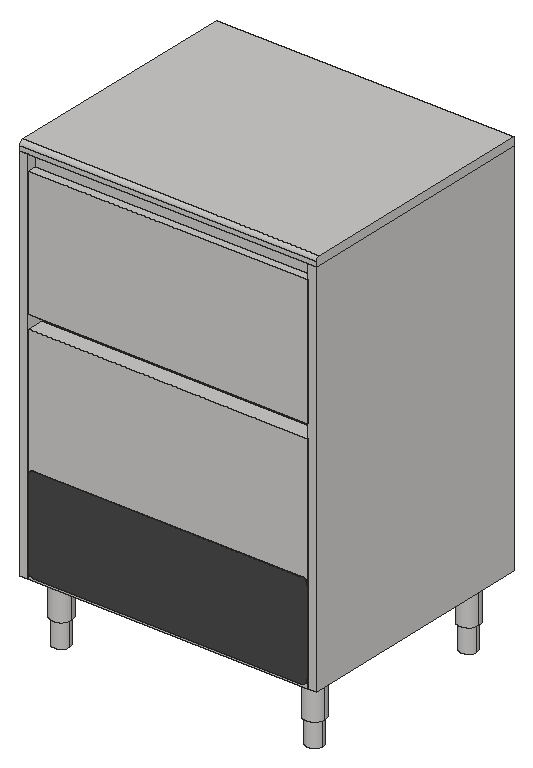
Revit family "QF_ELECTROLUXPROFESSIONAL_730339_ICB83I35SNPUK", category Attrezzature speciali, Revit 2018
Family settings
  Quota connettore circolare = Usa diametro
  Tipo di parte = Normale
  Basato su piano di lavoro = No
  Sempre verticale = Sì
  Taglio con vuoti quando caricato = No
  Condiviso = No
  Punto di calcolo locali = No
Parameters (values of type "Standard")
  Weight = 70.00 kg
  Watts = 0 W
  Volts = 230 V
  URL Manufacturer = "https://www.electroluxprofessional.com/"
  URL = "https://www.electroluxprofessional.com/"
  Steam Supply Size = 0 mm
  Steam Supply Minimum Pressure = 0.0 Pa
  Steam Supply Maximum Pressure = 0.0 Pa
  Steam Pounds per Hour = 0
  Show Logo [instance] = yes
  Show Clearance [instance] = yes
  Refrigeration Suction Line Size = 0 mm
  Refrigeration Liquid Line Size = 0 mm
  Refrigerant Compressor Remote = yes
  Produttore = "Electrolux Professional"
  Phase = 1
  Modello = "ICB83I35SNPUK"
  Length Actual = 715 mm  # constant formula
  Item Number = "730339"
  Hot Water Size = 0 mm
  Height Actual = 1044 mm  # constant formula
  HP = "0 HP"
  Gas Size = 0 mm
  Gas KW = 0
  Gas Input Pressure = 0 W
  Descrizione = "AIR COOLED ICE CUBER 22GR 83KG/24H-BIN 35KG - UK"
  Depth Actual = 595 mm  # constant formula
  Cycle = 50 Hz
  Condensate Return Size = 0 mm
  Compressed Air Volume = 0.0 L/s
  Compressed Air Size = 0 mm
  Compressed Air Pressure = 0.0 Pa
  Cold Water Size = 19.05 mm
  Accessory = yes
Reference planes
  plane 1 "Center X": y = 272.851
  plane 2: z = 0
  plane 3 "Center Y": x = -501.5
  plane 4 "LEFT": x = -859
  plane 5 "RIGHT": x = -144
  plane 6 "FRONT": y = -24.649
  plane 7 "BACK": y = 570.351
  plane 8: z = 155
  plane 9: z = 1094
  plane 10: z = 1074
  plane 11: x = -839
  plane 12: x = -164
  plane 13: y = 15.351
Forms (mm)
  Extrusion 1, solid, material "QF_Finishes_Black"
    sketch origin (-217.296, -24.649, 371.513) x (-1, 0, 0) y (0, 0, -1)
      loop
        arc (606.704, -21.487) -> (617.311, -17.093) -> (621.704, -6.487) r 15
        line (621.704, -6.487) -> (621.704, 194.469)
        arc (621.704, 194.469) -> (617.311, 205.075) -> (606.704, 209.469) r 15
        line (606.704, 209.469) -> (-38.296, 209.469)
        arc (-38.296, 209.469) -> (-48.903, 205.075) -> (-53.296, 194.469) r 15
        line (-53.296, 194.469) -> (-53.296, -6.487)
        arc (-53.296, -6.487) -> (-48.903, -17.093) -> (-38.296, -21.487) r 15
        line (-38.296, -21.487) -> (606.704, -21.487)
    from 0 to 2
  Extrusion 2, solid, material "QF_Finishes_Stainless Steel"
    sketch origin (-501.5, 0, 0) x (0, 1, 0) y (0, 0, 1)
      loop
        line (570.351, 1074) -> (570.351, 1094) -> (-14.649, 1094)
        arc (-14.649, 1094) -> (-21.72, 1091.071) -> (-24.649, 1084) r 10
        line (-24.649, 1084) -> (-24.649, 1074) -> (570.351, 1074)
    from -357.5 to 357.5
  Extrusion 3, solid, material "QF_Finishes_Stainless Steel"
    sketch origin (-450.7, 570.351, -329.545) x (1, 0, 0) y (0, 0, -1)
      loop
        circle (233.2, -655.545) r 10
    from 0 to 10
  Extrusion 4, solid, material "QF_Finishes_Stainless Steel"
    sketch origin (0, 0, 0) x (1, 0, 0) y (0, 1, 0)
      loop
        line (-859, 570.351) -> (-859, -24.649) -> (-839, -24.649) -> (-839, 570.351) -> (-859, 570.351)
    from 155 to 1074
  Extrusion 5, solid, material "QF_Finishes_Stainless Steel"
    sketch origin (0, 0, 0) x (1, 0, 0) y (0, 1, 0)
      loop
        line (-164, 570.351) -> (-164, -24.649) -> (-144, -24.649) -> (-144, 570.351) -> (-164, 570.351)
    from 155 to 1074
  Extrusion 6, solid, material "QF_Finishes_Stainless Steel"
    sketch origin (0, 0, 0) x (1, 0, 0) y (0, 1, 0)
      loop
        line (-839, 570.351) -> (-839, 15.351) -> (-164, 15.351) -> (-164, 570.351) -> (-839, 570.351)
    from 155 to 1074
  Extrusion 7, solid, material "QF_Finishes_Stainless Steel"
    sketch origin (0, 0, 0) x (1, 0, 0) y (0, 1, 0)
      loop
        line (-839, -24.649) -> (-164, -24.649) -> (-164, 15.351) -> (-839, 15.351) -> (-839, -24.649)
    from 155 to 695.994
  Extrusion 8, solid, material "QF_Finishes_Stainless Steel"
    sketch origin (-501.5, 0, 0) x (0, 1, 0) y (0, 0, 1)
      loop
        line (15.351, 1074) -> (-4.649, 1074) -> (-4.649, 1038) -> (-24.649, 1038) -> (-24.649, 728.028) -> (-4.649, 728.028) -> (-4.649, 713.028) -> (15.351, 713.028) -> (15.351, 1074)
    from -337.5 to 337.5
  Extrusion 9, solid, material "QF_Finishes_Stainless Steel"
    sketch origin (-428.2, 570.351, -440.545) x (1, 0, 0) y (0, 0, -1)
      loop
        circle (233.2, -655.545) r 10
    from 0 to 10
  Extrusion 10, solid, material "QF_Finishes_Stainless Steel"
    sketch origin (-487.7, 570.351, -361.545) x (1, 0, 0) y (0, 0, -1)
      loop
        circle (233.2, -655.545) r 10
    from 0 to 10
Lines and regions (mm)
  Split face 1
    outline origin (-501.5, -4.649, 1074) x (0, 0, -1) y (1, 0, 0)
      loop
        line (5.715, 214.928) -> (30.715, 214.928) -> (30.715, 254.928) -> (5.715, 254.928) -> (5.715, 214.928)
  symbolic lines
    curve 1: line (-859, 570.351, 0) -> (-144, 570.351, 0)
    curve 2: line (-859, -24.649, 0) -> (-859, 570.351, 0)
    curve 3: line (-144, -24.649, 0) -> (-859, -24.649, 0)
    curve 4: line (-144, 570.351, 0) -> (-144, -24.649, 0)
Dimensions and locks
  equal spacing: plane 4 "LEFT", plane 3 "Center Y", plane 5 "RIGHT"
  plane 4 "LEFT" to plane 5 "RIGHT" = 715 mm
  equal spacing: plane 7 "BACK", plane 1 "Center X", plane 6 "FRONT"
  plane 7 "BACK" to plane 6 "FRONT" = 595 mm
  plane 8 to plane 2 = 155 mm
  plane 9 to plane 8 = 939 mm
  locked: plane 4 "LEFT" to plane 11 at 20
  locked: plane 12 to plane 5 "RIGHT" at 20
  locked: plane 9 to plane 10 at 20
  locked: plane 13 to plane 6 "FRONT" at 40
  aligned and locked: level to plane 2
  aligned and locked: plane 5 "RIGHT" to Extrusion 2
  aligned and locked: Extrusion 2 to plane 4 "LEFT"
  aligned and locked: Extrusion 4 sketch curve to Extrusion 2  (x2)
  aligned and locked: plane 6 "FRONT" to Extrusion 4 sketch curve
  aligned and locked: Extrusion 4 sketch curve to plane 11
  aligned and locked: Extrusion 5 sketch curve to plane 7 "BACK"
  aligned and locked: plane 12 to Extrusion 5 sketch curve
  aligned and locked: Extrusion 5 sketch curve to Extrusion 2  (x2)
  aligned and locked: plane 10 to Extrusion 4
  aligned and locked: plane 10 to Extrusion 5
  aligned and locked: Extrusion 4 to plane 8
  aligned and locked: Extrusion 5 to plane 8
  aligned and locked: Extrusion 6 sketch curve to Extrusion 4
  aligned and locked: Extrusion 4 to Extrusion 6 sketch curve
  aligned and locked: plane 13 to Extrusion 6 sketch curve
  aligned and locked: Extrusion 6 sketch curve to plane 12
  aligned and locked: plane 10 to Extrusion 6
  aligned and locked: Extrusion 6 to plane 8
  aligned and locked: Extrusion 4 to Extrusion 7 sketch curve
  aligned and locked: Extrusion 7 sketch curve to Extrusion 4
  aligned and locked: plane 13 to Extrusion 7 sketch curve
  aligned and locked: plane 12 to Extrusion 7 sketch curve
  aligned and locked: Extrusion 7 to plane 8
  aligned and locked: plane 12 to Extrusion 8
  aligned and locked: Extrusion 8 to plane 11
Automatic sketch dimensions
  curve 3 to plane 4 "LEFT" = 0 mm
  curve 3 to plane 5 "RIGHT" = 0 mm
  curve 3 to plane 6 "FRONT" = 0 mm
  curve 2 to plane 7 "BACK" = 0 mm
  Extrusion 1 sketch curve to plane 12 = 0 mm
  plane 8 to Extrusion 1 sketch curve = 7.044 mm
  Extrusion 1 sketch curve to Extrusion 1 sketch curve = 15 mm  (x3)
  plane 11 to Extrusion 1 sketch curve = 15 mm  (x2)
  Extrusion 1 sketch curve to Extrusion 1 sketch curve = 200.956 mm
  Extrusion 2 sketch curve to plane 6 "FRONT" = 0 mm
  Extrusion 2 sketch curve to plane 9 = 0 mm
  Extrusion 2 sketch curve to plane 7 "BACK" = 0 mm
  Extrusion 2 sketch curve to plane 10 = 0 mm
  plane 6 "FRONT" to Extrusion 2 sketch curve = 10 mm
  Extrusion 6 to Extrusion 3 sketch curve = 171 mm
  Extrusion 3 sketch curve to Extrusion 6 = 53.5 mm
  Split face 1 sketch curve to Extrusion 8 = 5.715 mm
  Extrusion 8 to Split face 1 sketch curve = 5.285 mm
  Split face 1 sketch curve to Extrusion 8 = 122.572 mm
  Split face 1 sketch curve to Split face 1 sketch curve = 40 mm
  Extrusion 9 sketch curve to Extrusion 6 = 31 mm
  Extrusion 6 to Extrusion 9 sketch curve = 60 mm
  Extrusion 10 sketch curve to Extrusion 6 = 90.5 mm
  Extrusion 6 to Extrusion 10 sketch curve = 139 mm
  Extrusion 8 sketch curve to plane 6 "FRONT" = 0 mm
  Extrusion 8 sketch curve to plane 10 = 0 mm
  Extrusion 8 sketch curve to plane 13 = 0 mm
  Extrusion 8 sketch curve to Extrusion 8 sketch curve = 20 mm  (x2)
  Extrusion 8 sketch curve to plane 10 = 36 mm
  Extrusion 8 sketch curve to Extrusion 8 sketch curve = 309.972 mm
  Extrusion 8 sketch curve to Extrusion 8 sketch curve = 15 mm
  radius of Extrusion 3 sketch curve = 10 mm
  radius of Extrusion 9 sketch curve = 10 mm
  radius of Extrusion 10 sketch curve = 10 mm
Nested families
  nested 1: "Foot_Complete" at (-807, 35.351, 0), type "Foot_Complete"
    with H 155 mm
  nested 2: "Foot_Complete" at (-196, 35.351, 0) x (-1, 0, 0) z (0, 0, 1), type "Foot_Complete"
    with H 155 mm
  nested 3: "Foot_Complete" at (-807, 499.351, 0), type "Foot_Complete"
    with H 155 mm
  nested 4: "Foot_Complete" at (-196, 499.351, 0) x (-1, 0, 0) z (0, 0, 1), type "Foot_Complete"
    with H 155 mm
Connectors
  electrical at (-195, 580.351, 215), driven by "Volts"
    settings: on Extrusion 9, index 1, voltage 230 V, apparent load 0 VA, apparent load phase1 0 VA, apparent load phase2 0 VA, apparent load phase3 0 VA, power factor 1, load classification "Altro", number of poles 1, system type 30, power factor state 1, is connector primary yes, connector utility no, sub classification motor no, connector description "Electrical Connection"
  piping at (-217.5, 580.351, 326), diameter 20
    settings: on Extrusion 3, index 2, connector inside diameter 609.6 mm, connector length 0 mm, flow factor 0, pipe flow 0.0 L/s, pressure drop 0.0 Pa, fitting loss kfactor 0, connector angle 0.00°, fixture units 0, engagement length 0 mm, angle of deflection 0.00°, flow configuration 0, flow direction 0, fitting loss method 0, system type 20, joint type 0, gender type 0, connector reference index -1, connector utility 0, adjustable connector no, is connector primary yes, connector description "Cold water"
  piping at (-254.5, 580.351, 294), diameter 20
    settings: on Extrusion 10, index 3, connector inside diameter 609.6 mm, connector length 0 mm, flow factor 0, pipe flow 0.0 L/s, pressure drop 0.0 Pa, fitting loss kfactor 0, connector angle 0.00°, fixture units 0, engagement length 0 mm, angle of deflection 0.00°, flow configuration 0, flow direction 0, fitting loss method 0, system type 16, joint type 0, gender type 0, connector reference index -1, connector utility 0, adjustable connector no, is connector primary no, connector description "Drain"
Definition of nested family "Foot_Complete"
  Parameters (values of type "Foot_Complete")
    R = 25 mm
    H = 153 mm
  Reference planes
    plane 1 "Centro (Fronte/Retro)": y = 0
    plane 2: z = 0
    plane 3 "Centro (Sinistra/Destra)": x = 0
    plane 4: z = 153
  Forms (mm)
    Revolve 1, solid
      sketch origin (255.05, 0, 608.09) x (0, 0, 1) y (-1, 0, 0)
        loop
          line (-608.09, 255.05) -> (-608.09, 235.05) -> (-548.09, 235.05) -> (-548.09, 230.05) -> (-455.09, 230.05) -> (-455.09, 255.05) -> (-608.09, 255.05)
        axis (-608.09, 255.05) -> (-455.09, 255.05)
      angle from 0 to 360
  Dimensions and locks
    level to Revolve 1 sketch curve = 60 mm
    "R": Revolve 1 sketch curve to plane 3 "Centro (Sinistra/Destra)"
    "H": plane 4 to level
    aligned and locked: level to plane 2
    aligned and locked: plane 4 to Revolve 1 sketch curve
    aligned and locked: Revolve 1 sketch curve to level
    aligned and locked: plane 3 "Centro (Sinistra/Destra)" to Revolve 1 sketch curve
  Automatic sketch dimensions
    Revolve 1 sketch curve to plane 3 "Centro (Sinistra/Destra)" = 0 mm
    plane 3 "Centro (Sinistra/Destra)" to Revolve 1 sketch curve = 20 mm
    Revolve 1 sketch curve to Revolve 1 sketch curve = 50 mm
    Revolve 1 sketch curve to Revolve 1 sketch curve = 20 mm
